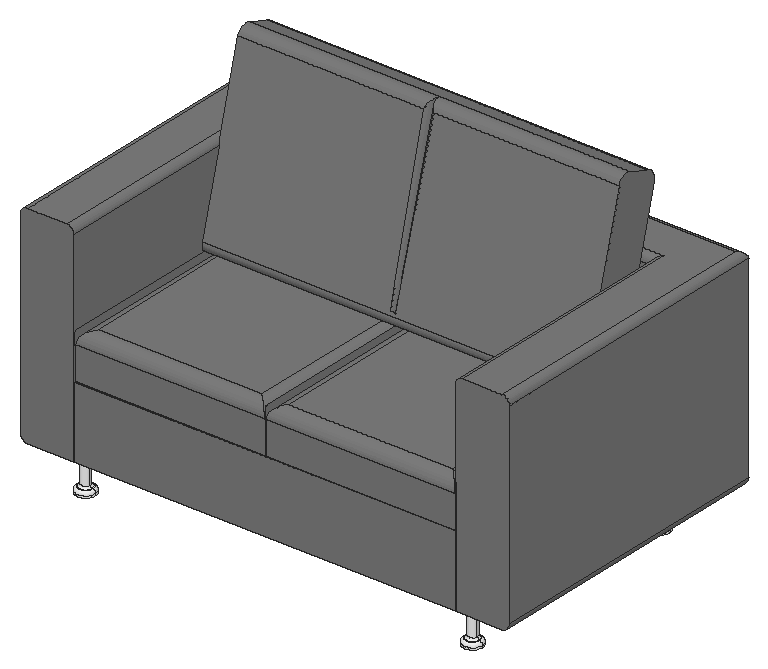
Revit family "Диван двухместный", category Оборудование, Revit 2017
Family settings
  Размер круглого соединителя = Использовать диаметр
  Тип детали = Нормальный
  На основе рабочей плоскости = Нет
  Всегда вертикально = Да
  При загрузке вырезать с полостями = Нет
  Общий = Нет
  Точка расчета площади = Нет
Parameters (values of type "Chairman Симпл 1360х830х830")
  Ширина = 1360 mm
  Позиция = ""
  Обозначение = "Симпл"
  Наименование = "Диван мягкий двухместный"
  Масса = ""
  Изготовитель = "Severin"
  Завод = "Chairman"
  Единицы = ""
  Глубина = 830 mm
  Высота = 830 mm
Types (2, lengths in mm): name | Ширина | Обозначение | Наименование | Изготовитель | Завод | Глубина | Высота
  Chairman Симпл 1360х830х830 | 1360 | "Симпл" | "Диван мягкий двухместный" | "Severin" | "Chairman" | 830 | 830
  Диван мягкий трехместный | 1930 | "Арт: Chairman Симпл /3" | "Диван мягкий трехместный" | 0 | "Меб-фф, Россия" | 950 | 870
Reference planes
  plane 1 "Center (Front/Back)": y = 0
  plane 2: z = 0
  plane 3: z = 100
  plane 4: x = -240.701
  plane 5: x = -920.367
  plane 6: z = 300
  plane 7: z = 425
  plane 8: z = 755
  plane 9: z = 930
  plane 10: y = 566.4
  plane 11: y = 830
  plane 12: x = 439.633
  plane 13: x = 289.633
  plane 14: x = -778.567
  plane 15: x = 297.833
  plane 16: y = 50
  plane 17: y = 50
  plane 18: y = 666.4
  plane 19: y = 700
  plane 20: x = -770.367
Forms (mm)
  Extrusion 1, solid, material "Кожа черная", detail levels fine
    sketch origin (0, 0, 0) x (1, 0, 0) y (0, 1, 0)
      loop
        line (-240.701, 563.9) -> (-770.367, 563.9) -> (-770.367, 2.5) -> (-240.701, 2.5) -> (-240.701, 563.9)
    from 300 to 425
  Extrusion 2, solid, material "Кожа черная", detail levels fine
    sketch origin (0, 0, 0) x (1, 0, 0) y (0, 1, 0)
      loop
        line (-770.367, 566.4) -> (-770.367, 0) -> (289.633, 0) -> (289.633, 566.4) -> (-770.367, 566.4)
    from 100 to 300
  Sweep 3, solid, material "Кожа черная", detail levels fine
    path origin (0, 0, 0) x (1, 0, 0) y (0, 1, 0)
      loop
        line (-920.367, 0) -> (-920.367, 830) -> (439.633, 830) -> (439.633, 0)
    profile origin (0, 415, 0) x (-1, 0, 0) y (0, 0, 1)
      loop
        arc (920.367, 665) -> (914.509, 679.142) -> (900.367, 685) r 20
        line (900.367, 685) -> (790.367, 685)
        arc (790.367, 685) -> (776.225, 679.142) -> (770.367, 665) r 20
        line (770.367, 665) -> (770.367, 100) -> (900.367, 100)
        arc (900.367, 100) -> (914.509, 105.858) -> (920.367, 120) r 20
        line (920.367, 120) -> (920.367, 665)
  Sweep 4, void
    path origin (-736.6, 0, 0) x (1, 0, 0) y (0, 1, 0)
      loop
        line (-33.767, 0) -> (495.899, 0) -> (495.899, 566.4) -> (-33.767, 566.4) -> (-33.767, 0)
    profile origin (0, 283.2, 0) x (-1, 0, 0) y (0, 0, 1)
      loop
        arc (732.867, 425) -> (757.616, 414.749) -> (767.867, 390) r 35
        line (767.867, 390) -> (769.867, 390) -> (769.867, 427) -> (732.867, 427) -> (732.867, 425)
  Extrusion 5, solid, material "Кожа черная", detail levels fine
    sketch origin (-240.367, 150, 0) x (0, 1, 0) y (0, 0, 1)
      loop
        line (421.19, 438.16) -> (537.434, 867.539)
        arc (537.434, 867.539) -> (536.433, 890.479) -> (519.504, 905.991) r 30
        line (519.504, 905.991) -> (458.424, 928.222)
        arc (458.424, 928.222) -> (435.485, 927.221) -> (419.973, 910.292) r 30
        line (419.973, 910.292) -> (293.147, 451.84)
        arc (293.147, 451.84) -> (295.558, 433.528) -> (311.941, 425) r 20
        line (311.941, 425) -> (402.396, 425)
        arc (402.396, 425) -> (413.867, 428.617) -> (421.19, 438.16) r 20
    from -530 to 530
  Sweep 6, void
    path origin (-240.701, 0, 40.801) x (0, 0, -1) y (0, -1, 0)
      loop
        line (-957.862, -587.287) -> (-425, -433.378)
    profile origin (0, 234.505, 811.901) x (0, -0.960728, 0.277492) y (-1, 0, 0)
      loop
        arc (-287.102, 275.701) -> (-297.353, 250.952) -> (-322.102, 240.701) r 35
        arc (-322.102, 240.701) -> (-297.353, 230.449) -> (-287.102, 205.701) r 35
        line (-287.102, 205.701) -> (-247.102, 205.701) -> (-247.102, 275.701) -> (-287.102, 275.701)
  Revolve 7, solid, material "Сталь, хромированная", detail levels fine
    sketch origin (500, 700, 0) x (1, 0, 0) y (0, 0, 1)
      loop
        line (-202.167, 0) -> (-228.774, 0) -> (-228.774, 4.308)
        arc (-228.774, 4.308) -> (-226.809, 10.099) -> (-221.724, 13.496) r 9.512
        line (-221.724, 13.496) -> (-220.328, 13.87)
        arc (-220.328, 13.87) -> (-215.97, 16.782) -> (-214.285, 21.745) r 8.152
        line (-214.285, 21.745) -> (-214.285, 100) -> (-202.167, 100)
      axis (-202.167, 0) -> (-202.167, 100)
    angle from 0 to 360
  Revolve 8, solid, material "Сталь, хромированная", detail levels fine
    sketch origin (-1350, 700, 0) x (1, 0, 0) y (0, 0, 1)
      loop
        line (571.433, 0) -> (544.826, 0) -> (544.826, 4.308)
        arc (544.826, 4.308) -> (546.791, 10.099) -> (551.876, 13.496) r 9.512
        line (551.876, 13.496) -> (553.272, 13.87)
        arc (553.272, 13.87) -> (557.63, 16.782) -> (559.315, 21.745) r 8.152
        line (559.315, 21.745) -> (559.315, 100) -> (571.433, 100)
      axis (571.433, 0) -> (571.433, 100)
    angle from 0 to 360
  Revolve 9, solid, material "Сталь, хромированная", detail levels fine
    sketch origin (-1350, 50, 0) x (1, 0, 0) y (0, 0, 1)
      loop
        line (571.433, 0) -> (544.826, 0) -> (544.826, 4.308)
        arc (544.826, 4.308) -> (546.791, 10.099) -> (551.876, 13.496) r 9.512
        line (551.876, 13.496) -> (553.272, 13.87)
        arc (553.272, 13.87) -> (557.63, 16.782) -> (559.315, 21.745) r 8.152
        line (559.315, 21.745) -> (559.315, 100) -> (571.433, 100)
      axis (571.433, 0) -> (571.433, 100)
    angle from 0 to 360
  Revolve 10, solid, material "Сталь, хромированная", detail levels fine
    sketch origin (500, 50, 0) x (1, 0, 0) y (0, 0, 1)
      loop
        line (-202.167, 0) -> (-228.774, 0) -> (-228.774, 4.308)
        arc (-228.774, 4.308) -> (-226.809, 10.099) -> (-221.724, 13.496) r 9.512
        line (-221.724, 13.496) -> (-220.328, 13.87)
        arc (-220.328, 13.87) -> (-215.97, 16.782) -> (-214.285, 21.745) r 8.152
        line (-214.285, 21.745) -> (-214.285, 100) -> (-202.167, 100)
      axis (-202.167, 0) -> (-202.167, 100)
    angle from 0 to 360
  Extrusion 11, solid, material "Кожа черная", detail levels fine
    sketch origin (1222.4, 0, 0) x (1, 0, 0) y (0, 1, 0)
      loop
        line (-932.767, 563.9) -> (-1463.101, 563.9) -> (-1463.101, 2.5) -> (-932.767, 2.5) -> (-932.767, 563.9)
    from 300 to 425
  Sweep 12, void
    path origin (485.8, 0, 0) x (1, 0, 0) y (0, 1, 0)
      loop
        line (-726.501, 0) -> (-196.167, 0) -> (-196.167, 566.4) -> (-726.501, 566.4) -> (-726.501, 0)
    profile origin (0, 283.2, 0) x (-1, 0, 0) y (0, 0, 1)
      loop
        arc (203.201, 425) -> (227.949, 414.749) -> (238.201, 390) r 35
        line (238.201, 390) -> (240.201, 390) -> (240.201, 427) -> (203.201, 427) -> (203.201, 425)
Cuts and joins
  Sweep 4, Sweep 6 cuts Extrusion 1
  Sweep 4, Sweep 6 cuts Extrusion 2
  Sweep 4, Sweep 6, Sweep 12 cuts Sweep 3
  Sweep 6, Sweep 12 cuts Extrusion 5
  Sweep 12 cuts Extrusion 11
Lines and regions (mm)
  symbolic lines
    curve 1: line (-920.367, 830, 0) -> (439.633, 830, 0)
    curve 2: line (-920.367, 0, 0) -> (-920.367, 830, 0)
    curve 3: line (439.633, 0, 0) -> (-920.367, 0, 0)
    curve 4: line (439.633, 830, 0) -> (439.633, 0, 0)
    curve 5: line (-779.413, 689.046, 0) -> (289.633, 689.046, 0)
    curve 6: line (-779.413, 441.941, 0) -> (-779.413, 689.046, 0)
    curve 7: line (289.633, 441.941, 0) -> (-779.413, 441.941, 0)
    curve 8: line (289.633, 689.046, 0) -> (289.633, 441.941, 0)
    curve 9: line (-848.046, 757.679, 0) -> (367.311, 757.679, 0)
    curve 10: line (-848.046, 0, 0) -> (-848.046, 757.679, 0)
    curve 11: line (367.311, 0, 0) -> (-848.046, 0, 0)
    curve 12: line (367.311, 757.679, 0) -> (367.311, 0, 0)
    curve 13: line (289.633, 689.046, 0) -> (360.343, 759.757, 0)
    curve 14: line (-779.413, 689.046, 0) -> (-857.439, 767.072, 0)
    curve 15: line (-240.701, 563.9, 0) -> (-240.701, 0, 0)
    curve 16: line (289.633, 441.941, 0) -> (-779.413, 441.941, 0)
    curve 17: line (-770.367, 0, 0) -> (-732.867, 37.5, 0)
    curve 18: line (-240.701, 0, 0) -> (-278.201, 37.5, 0)
    curve 19: line (-240.701, 0, 0) -> (-203.201, 37.5, 0)
    curve 20: line (289.633, 0, 0) -> (252.133, 37.5, 0)
    curve 21: line (289.633, 565.493, 0) -> (289.633, 0, 0)
    curve 22: line (-779.413, 565.493, 0) -> (-779.413, 0, 0)
Dimensions and locks
  locked: plane 9 to plane 8 at 175
  "Ширина": plane 5 to plane 12
  "Глубина": plane 1 "Center (Front/Back)" to plane 11
  locked: plane 1 "Center (Front/Back)" to plane 16 at 50
  locked: plane 18 to plane 11 at 163.6
  locked: plane 10 to plane 11 at 263.6
  locked: plane 5 to plane 20 at 150
  plane 13 to plane 12 = 150 mm
  locked: plane 5 to plane 14 at 141.8
  locked: plane 12 to plane 15 at 141.8
  "Высота": plane 9 to plane 3
  aligned and locked: Extrusion 1 to cut or joined group of Extrusion 2, Sweep 4, Sweep 6
  aligned and locked: Extrusion 5 to plane 13
  aligned and locked: Sweep 4 sketch curve to plane 20
  aligned and locked: Sweep 3 sketch curve to plane 12
  aligned and locked: plane 20 to cut or joined group of Extrusion 5, Sweep 6, Sweep 12
  aligned and locked: plane 20 to cut or joined group of Extrusion 1, Sweep 4, Sweep 6
  aligned and locked: Extrusion 1 to plane 4
Automatic sketch dimensions
  Extrusion 1 sketch curve to plane 20 = 0 mm
  Extrusion 1 sketch curve to plane 1 "Center (Front/Back)" = 2.5 mm
  plane 10 to Extrusion 1 sketch curve = 2.5 mm
  Extrusion 2 sketch curve to plane 1 "Center (Front/Back)" = 0 mm
  Extrusion 2 sketch curve to plane 20 = 0 mm
  Extrusion 2 sketch curve to plane 10 = 0 mm
  Extrusion 2 sketch curve to plane 13 = 0 mm
  Sweep 3 sketch curve to plane 5 = 0 mm
  Sweep 3 sketch curve to plane 1 "Center (Front/Back)" = 0 mm  (x2)
  Sweep 3 sketch curve to plane 11 = 0 mm
  profile plane to Sweep 4 sketch curve = 37.5 mm
  profile plane to Sweep 4 sketch curve = 2.5 mm
  profile plane to Sweep 4 sketch curve = 0.5 mm
  level to Sweep 4 sketch curve = 390 mm
  Sweep 4 sketch curve to Sweep 4 sketch curve = 37 mm
  Extrusion 5 sketch curve to plane 7 = 0 mm
  Extrusion 5 sketch curve to plane 7 = 26.84 mm
  plane 10 to Extrusion 5 sketch curve = 123.253 mm
  Extrusion 5 sketch curve to Extrusion 5 sketch curve = 18.794 mm
  plane 10 to Extrusion 5 sketch curve = 14.004 mm
  Extrusion 5 sketch curve to plane 10 = 3.573 mm
  Extrusion 5 sketch curve to plane 10 = 4.79 mm
  Extrusion 5 sketch curve to Extrusion 5 sketch curve = 28.191 mm
  plane 9 to Extrusion 5 sketch curve = 1.778 mm
  Extrusion 5 sketch curve to Extrusion 5 sketch curve = 10.261 mm  (x2)
  plane 18 to Extrusion 5 sketch curve = 7.156 mm
  Extrusion 5 sketch curve to plane 18 = 3.104 mm
  Extrusion 5 sketch curve to plane 18 = 21.034 mm
  Extrusion 5 sketch curve to plane 7 = 13.16 mm
  plane 9 to Extrusion 5 sketch curve = 62.461 mm
  plane 9 to Extrusion 5 sketch curve = 29.969 mm
  Sweep 6 sketch curve to plane 10 = 20.887 mm
  Sweep 6 sketch curve to plane 9 = 68.663 mm
  Sweep 6 sketch curve to plane 7 = 40.801 mm
  plane 10 to Sweep 6 sketch curve = 133.022 mm
  Sweep 6 sketch curve to plane 4 = 0 mm  (x2)
  Sweep 6 sketch curve to profile plane = 0 mm  (x2)
  plane 4 to Sweep 6 sketch curve = 35 mm
  Sweep 6 sketch curve to Sweep 6 sketch curve = 40 mm
  Revolve 7 sketch curve to level = 0 mm  (x2)
  Revolve 7 sketch curve to plane 3 = 0 mm  (x2)
  Revolve 7 sketch curve to plane 15 = 0 mm  (x3)
  plane 13 to Revolve 7 sketch curve = 3.918 mm
  level to Revolve 7 sketch curve = 4.308 mm
  plane 13 to Revolve 7 sketch curve = 8.895 mm
  Revolve 7 sketch curve to Revolve 7 sketch curve = 1.066 mm
  Revolve 7 sketch curve to Revolve 7 sketch curve = 1.396 mm
  Revolve 7 sketch curve to Revolve 7 sketch curve = 2.11 mm
  Revolve 7 sketch curve to Revolve 7 sketch curve = 9.512 mm
  Revolve 7 sketch curve to Revolve 7 sketch curve = 0.374 mm
  Revolve 8 sketch curve to level = 0 mm  (x2)
  Revolve 8 sketch curve to plane 3 = 0 mm  (x2)
  Revolve 8 sketch curve to plane 14 = 0 mm  (x3)
  plane 14 to Revolve 8 sketch curve = 12.118 mm
  level to Revolve 8 sketch curve = 4.308 mm
  plane 14 to Revolve 8 sketch curve = 17.095 mm
  Revolve 8 sketch curve to Revolve 8 sketch curve = 1.066 mm
  Revolve 8 sketch curve to Revolve 8 sketch curve = 1.396 mm
  Revolve 8 sketch curve to Revolve 8 sketch curve = 8.152 mm
  Revolve 8 sketch curve to Revolve 8 sketch curve = 9.512 mm
  Revolve 8 sketch curve to Revolve 8 sketch curve = 0.374 mm
  Revolve 9 sketch curve to level = 0 mm  (x2)
  Revolve 9 sketch curve to plane 3 = 0 mm  (x2)
  Revolve 9 sketch curve to plane 14 = 0 mm  (x3)
  plane 14 to Revolve 9 sketch curve = 12.118 mm
  level to Revolve 9 sketch curve = 4.308 mm
  plane 14 to Revolve 9 sketch curve = 17.095 mm
  Revolve 9 sketch curve to Revolve 9 sketch curve = 1.066 mm
  Revolve 9 sketch curve to Revolve 9 sketch curve = 1.396 mm
  Revolve 9 sketch curve to Revolve 9 sketch curve = 8.152 mm
  Revolve 9 sketch curve to Revolve 9 sketch curve = 9.512 mm
  Revolve 9 sketch curve to Revolve 9 sketch curve = 0.374 mm
  Revolve 10 sketch curve to level = 0 mm  (x2)
  Revolve 10 sketch curve to plane 3 = 0 mm  (x2)
  Revolve 10 sketch curve to plane 15 = 0 mm  (x3)
  plane 13 to Revolve 10 sketch curve = 3.918 mm
  level to Revolve 10 sketch curve = 4.308 mm
  plane 13 to Revolve 10 sketch curve = 8.895 mm
  Revolve 10 sketch curve to Revolve 10 sketch curve = 1.066 mm
  Revolve 10 sketch curve to Revolve 10 sketch curve = 1.396 mm
  Revolve 10 sketch curve to Revolve 10 sketch curve = 2.11 mm
  Revolve 10 sketch curve to Revolve 10 sketch curve = 9.512 mm
  Revolve 10 sketch curve to Revolve 10 sketch curve = 0.374 mm
  Extrusion 11 sketch curve to plane 4 = 0 mm
  Extrusion 11 sketch curve to plane 13 = 0 mm
  Extrusion 11 sketch curve to plane 1 "Center (Front/Back)" = 2.5 mm
  plane 10 to Extrusion 11 sketch curve = 2.5 mm
  Sweep 12 sketch curve to plane 4 = 0 mm
  Sweep 12 sketch curve to plane 1 "Center (Front/Back)" = 0 mm
  Sweep 12 sketch curve to plane 13 = 0 mm
  Sweep 12 sketch curve to plane 10 = 0 mm
  profile plane to Sweep 12 sketch curve = 37.5 mm
  profile plane to Sweep 12 sketch curve = 2.5 mm
  profile plane to Sweep 12 sketch curve = 0.5 mm
  level to Sweep 12 sketch curve = 390 mm
  Sweep 12 sketch curve to Sweep 12 sketch curve = 37 mm
  curve 3 to plane 5 = 0 mm
  plane 1 "Center (Front/Back)" to curve 11 = 0 mm
  curve 17 to plane 20 = 0 mm
  curve 18 to plane 4 = 0 mm
  curve 13 to plane 13 = 0 mm
  curve 21 to plane 13 = 0 mm
  plane 11 to curve 1 = 0 mm
  curve 1 to plane 12 = 0 mm
  plane 14 to curve 11 = 69.479 mm
  plane 14 to curve 6 = 0.846 mm
  plane 15 to curve 12 = 69.479 mm
  plane 10 to curve 6 = 124.459 mm
  curve 6 to plane 18 = 22.646 mm
  plane 11 to curve 9 = 72.321 mm
  curve 14 to curve 9 = 9.394 mm
  plane 14 to curve 22 = 0.846 mm
  plane 16 to curve 17 = 12.5 mm
  curve 17 to plane 20 = 37.5 mm
  plane 16 to curve 18 = 12.5 mm
  plane 4 to curve 18 = 37.5 mm
  plane 16 to curve 19 = 12.5 mm
  plane 16 to curve 20 = 12.5 mm
  plane 13 to curve 20 = 37.5 mm
  curve 13 to curve 9 = 6.968 mm
  plane 10 to curve 15 = 2.5 mm
  plane 10 to curve 21 = 0.907 mm
  plane 10 to curve 22 = 0.907 mm
  curve 9 to curve 13 = 2.078 mm
  curve 9 to curve 14 = 9.394 mm
  Sweep 3 sketch curve to profile plane = 0 mm
  profile plane to Sweep 3 sketch curve = 20 mm  (x2)
  Sweep 3 sketch curve to Sweep 3 sketch curve = 110 mm
  Sweep 3 sketch curve to Sweep 3 sketch curve = 130 mm
  level to Sweep 3 sketch curve = 100 mm
  Sweep 3 sketch curve to Sweep 3 sketch curve = 565 mm
  plane 4 to Extrusion 1 sketch curve = 0 mm
  plane 1 "Center (Front/Back)" to Sweep 4 sketch curve = 0 mm
  Sweep 4 sketch curve to plane 4 = 0 mm
  plane 10 to Sweep 4 sketch curve = 0 mm
  plane 1 "Center (Front/Back)" to curve 22 = 0 mm
